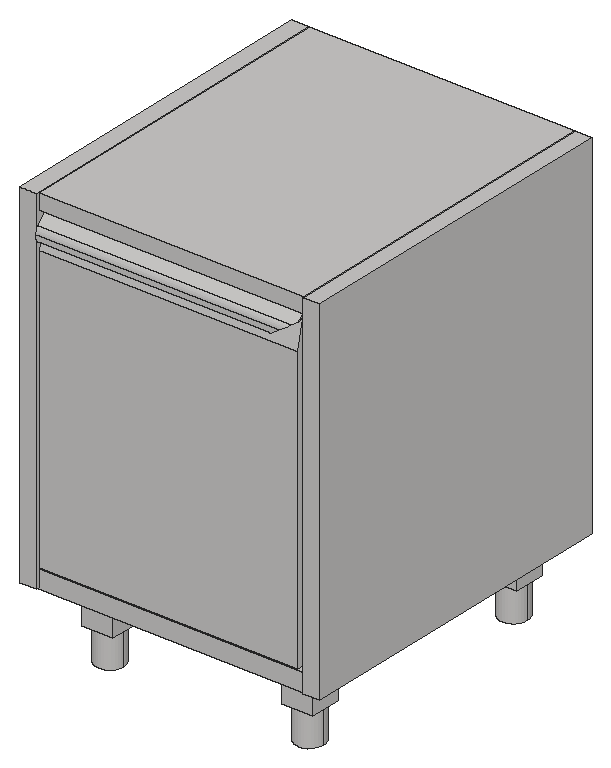
Revit family "QF_ELECTROLUXPROFESSIONAL_121815_TERP6", category Attrezzature speciali, Revit 2020
Family settings
  Quota connettore circolare = Usa diametro
  Tipo di parte = Normale
  Basato su piano di lavoro = No
  Sempre verticale = Sì
  Taglio con vuoti quando caricato = No
  Condiviso = No
  Punto di calcolo locali = No
Parameters (values of type "Standard")
  Weight = 12.00 kg
  Watts = 0 W
  Volts = 0 V
  URL Manufacturer = "https://www.electroluxprofessional.com/"
  URL = "https://www.electroluxprofessional.com/"
  Steam Supply Size = 0 mm
  Steam Supply Minimum Pressure = 0.0 Pa
  Steam Supply Maximum Pressure = 0.0 Pa
  Steam Consumption per Hour = 0
  Refrigeration Suction Line Size = 0.0 mm
  Refrigeration Liquid Line Size = 0.0 mm
  Refrigerant Compressor Remote = yes
  Prospetto di default = 0.0 mm
  Phase = 0
  Modello = "TERP6"
  Produttore = "Electrolux Professional"
  Length Actual = 600.0 mm  # constant formula
  Item Number = "121815"
  Hot Water Size = 0 mm
  Height Actual = 860.0 mm  # constant formula
  HP = "0 HP"
  Gas Size = 0 mm
  Gas KW = 0
  Gas Input Pressure = 0 W
  Direct Waste Size = 0 mm
  Descrizione = "AMBIENT UNIT 1 HINGED DOOR  600MM"
  Depth Actual = 680.0 mm  # constant formula
  Cycle = 0 Hz
  Condensate Return Size = 0 mm
  Compressed Air Volume = 0.0 L/s
  Compressed Air Size = 0 mm
  Compressed Air Pressure = 0.0 Pa
  Cold Water Size = 0 mm
  Accessory = yes
Reference planes
  plane 1 "Center (Front/Back)": y = 0
  plane 2: z = 0
  plane 3 "Center (Left/Right)": x = -304.433
  plane 4 "LEFT": x = -604.433
  plane 5 "RIGHT": x = -4.433
  plane 6 "BACK": y = 340
  plane 7 "FRONT": y = -340
  plane 8 "Base": z = 860
  plane 9 "TOP": z = 900
  plane 10: x = -504.433
  plane 11: x = -104.433
  plane 12: y = 270
  plane 13: y = -240
  plane 14 "FEET": z = 150
  plane 15: x = -570.433
  plane 16: x = -38.433
  plane 17: y = -337
  plane 18: y = 310
  plane 19: y = -900
Forms (mm)
  Extrusion 1, solid, material "QF_Finishes_Stainless Steel"
    sketch origin (0, 0, 150) x (-1, 0, 0) y (0, -1, 0)
      loop
        line (604.433, -340) -> (604.433, 340) -> (570.433, 340) -> (570.433, -340) -> (604.433, -340)
      loop
        line (38.433, -340) -> (38.433, 340) -> (4.433, 340) -> (4.433, -340) -> (38.433, -340)
    from 0 to 710
  Extrusion 2, solid, material "QF_Finishes_Stainless Steel"
    sketch origin (0, 0, 150) x (-1, 0, 0) y (0, -1, 0)
      loop
        line (570.433, -310) -> (570.433, 337) -> (38.433, 337) -> (38.433, -310) -> (570.433, -310)
    from 0 to 35
  Extrusion 3, solid, material "QF_Finishes_Stainless Steel"
    sketch origin (0, 0, 0) x (1, 0, 0) y (0, 1, 0)
      loop
        line (-570.433, 310) -> (-570.433, -297) -> (-38.433, -297) -> (-38.433, 310) -> (-570.433, 310)
    from 490 to 520
  Extrusion 4, solid, material "QF_Finishes_Stainless Steel"
    sketch origin (0, 0, 0) x (1, 0, 0) y (0, 1, 0)
      loop
        line (-570.433, -337) -> (-38.433, -337) -> (-38.433, 340) -> (-570.433, 340) -> (-570.433, -337)
    from 830 to 860
  Extrusion 5, solid, material "QF_Finishes_Stainless Steel"
    sketch origin (0, 0, 150) x (-1, 0, 0) y (0, -1, 0)
      loop
        line (570.433, -340) -> (570.433, -310) -> (38.433, -310) -> (38.433, -340) -> (570.433, -340)
    from 680 to 0
Lines and regions (mm)
  symbolic lines, style "SpecialityEquipmentHiddenLines"
    curve 1: line (-4.433, 340, 900) -> (-604.433, 340, 900)
    curve 2: line (-4.433, -340, 900) -> (-4.433, 340, 900)
    curve 3: line (-604.433, -344.5, 150) -> (-604.433, 340, 150)
    curve 4: line (-604.433, -340, 150) -> (-570.433, -340, 150)
    curve 5: line (-570.433, -340, 150) -> (-570.433, -337, 150)
    curve 6: line (-570.433, -337, 150) -> (-38.433, -337, 150)
    curve 7: line (-38.433, -337, 150) -> (-38.433, -340, 150)
    curve 8: line (-38.433, -340, 150) -> (-4.433, -340, 150)
Dimensions and locks
  plane 4 "LEFT" to plane 5 "RIGHT" = 600.0 mm
  equal spacing: plane 4 "LEFT", plane 3 "Center (Left/Right)", plane 5 "RIGHT"
  plane 6 "BACK" to plane 7 "FRONT" = 680.0 mm
  equal spacing: plane 6 "BACK", plane 1 "Center (Front/Back)", plane 7 "FRONT"
  locked: plane 14 "FEET" to level at 150
  locked: plane 4 "LEFT" to plane 10 at 100
  locked: plane 11 to plane 5 "RIGHT" at 100
  locked: plane 4 "LEFT" to plane 15 at 34
  locked: plane 16 to plane 5 "RIGHT" at 34
  plane 17 to plane 7 "FRONT" = 3.0 mm
  plane 6 "BACK" to plane 18 = 30.0 mm
  locked: plane 6 "BACK" to plane 12 at 70
  locked: plane 13 to plane 7 "FRONT" at 100
  locked: plane 8 "Base" to level at 860
  locked: plane 9 "TOP" to level at 900
  plane 6 "BACK" to plane 19 = 1240.0 mm
  aligned and locked: level to plane 2
  aligned and locked: plane 10 to nested 1
  aligned and locked: plane 11 to nested 2
  aligned and locked: plane 11 to nested 4
  aligned and locked: nested 4 to plane 12
  aligned and locked: plane 10 to nested 3
  aligned and locked: nested 3 to plane 12
  aligned and locked: plane 8 "Base" to Extrusion 1
  aligned and locked: plane 6 "BACK" to Extrusion 1 sketch curve
  aligned and locked: Extrusion 1 sketch curve to plane 6 "BACK"
  aligned and locked: plane 7 "FRONT" to Extrusion 1 sketch curve
  aligned and locked: Extrusion 1 sketch curve to plane 7 "FRONT"
  aligned and locked: plane 15 to Extrusion 1
  aligned and locked: Extrusion 1 to plane 16
  aligned and locked: Extrusion 2 to plane 15
  aligned and locked: plane 16 to Extrusion 2
  aligned and locked: plane 16 to Extrusion 3
  aligned and locked: Extrusion 3 to plane 15
  aligned and locked: plane 8 "Base" to Extrusion 4
  aligned and locked: Extrusion 2 to plane 17
  aligned and locked: Extrusion 2 to plane 18
  aligned and locked: Extrusion 3 to plane 18
  aligned and locked: Extrusion 4 to plane 17
  aligned and locked: plane 15 to Extrusion 5 sketch curve
  aligned and locked: Extrusion 5 sketch curve to plane 16
  aligned and locked: Extrusion 5 sketch curve to plane 6 "BACK"
  aligned and locked: Extrusion 5 sketch curve to plane 18
  aligned and locked: Extrusion 5 to Extrusion 4
  aligned and locked: Extrusion 5 to plane 14 "FEET"
  aligned and locked: plane 6 "BACK" to Extrusion 4
  aligned and locked: nested 1 to plane 13
  aligned and locked: nested 2 to plane 13
Automatic sketch dimensions
  curve 2 to plane 5 "RIGHT" = 0.0 mm
  curve 2 to plane 7 "FRONT" = 0.0 mm
  curve 1 to plane 4 "LEFT" = 0.0 mm
  curve 1 to plane 6 "BACK" = 0.0 mm
  Extrusion 1 sketch curve to plane 5 "RIGHT" = 0.0 mm
  Extrusion 1 sketch curve to plane 16 = 0.0 mm
  Extrusion 1 sketch curve to plane 15 = 0.0 mm
  Extrusion 1 sketch curve to plane 4 "LEFT" = 0.0 mm
  Extrusion 2 sketch curve to plane 16 = 0.0 mm
  Extrusion 2 sketch curve to plane 15 = 0.0 mm
  plane 18 to Extrusion 2 sketch curve = 0.0 mm
  Extrusion 2 sketch curve to plane 17 = 0.0 mm
  curve 8 to plane 5 "RIGHT" = 0.0 mm
  curve 8 to plane 7 "FRONT" = 0.0 mm
  curve 8 to plane 16 = 0.0 mm
  curve 6 to plane 15 = 0.0 mm
  curve 3 to plane 4 "LEFT" = 0.0 mm
  curve 3 to plane 6 "BACK" = 0.0 mm
  curve 6 to plane 17 = 0.0 mm
  curve 4 to plane 7 "FRONT" = 0.0 mm
  curve 4 to curve 3 = 4.5 mm
  Extrusion 4 sketch curve to plane 15 = 0.0 mm
  Extrusion 4 sketch curve to plane 16 = 0.0 mm
  Extrusion 4 sketch curve to plane 17 = 0.0 mm
  Extrusion 4 sketch curve to plane 18 = 30.0 mm
  Extrusion 3 sketch curve to plane 15 = 0.0 mm
  plane 7 "FRONT" to Extrusion 3 sketch curve = 43.0 mm
  Extrusion 3 sketch curve to plane 16 = 0.0 mm
  plane 18 to Extrusion 3 sketch curve = 0.0 mm
Nested families
  nested 1: "FEET_L63-150" at (-504.433, -240, 0), type "FEET_L63-150"
  nested 2: "FEET_L63-150" at (-104.433, -240, 0), type "FEET_L63-150"
  nested 3: "FEET_L63-150" at (-504.433, 270, 0), type "FEET_L63-150"
  nested 4: "FEET_L63-150" at (-104.433, 270, 0), type "FEET_L63-150"
  nested 5: "H637_600_1DOOR" at (-344.864, -297, 150) x (1, 0, 0) z (0, -1, 0), type "H637_600_1DOOR"
    with Width 600.0 mm, Show Clearance yes
Definition of nested family "FEET_L63-150"
  Parameters
    Default Elevation = 0.0 mm
    FEET = 150.0 mm
  Reference planes
    plane 1 "Center (Front/Back)": y = 0
    plane 2: z = 0
    plane 3 "Center (Left/Right)": x = 0
    plane 4: z = 150
  Forms (mm)
    Extrusion 1, solid
      sketch origin (0, 0, 0) x (1, 0, 0) y (0, 1, 0)
        loop
          circle (0, 0) r 28
      from 0 to 67
    Extrusion 2, solid
      sketch origin (0, 0, 0) x (1, 0, 0) y (0, 1, 0)
        loop
          line (31.561, 31.5) -> (-31.439, 31.5) -> (-31.439, -31.5) -> (31.561, -31.5) -> (31.561, 31.5)
      from 67 to 150 <- "FEET"
  Lines and regions (mm)
    symbolic lines
      curve 1: line (0, -1.503, 0) -> (0, 1.508, 0)
      curve 2: line (1.561, 0, 0) -> (-1.439, 0, 0)
  Dimensions and locks
    "FEET": plane 4 to plane 2
    aligned and locked: level to plane 2
  Automatic sketch dimensions
    plane 1 "Center (Front/Back)" to Extrusion 1 sketch curve = 0.0 mm
    Extrusion 1 sketch curve to plane 3 "Center (Left/Right)" = 0.0 mm
    plane 1 "Center (Front/Back)" to curve 2 = 0.0 mm
    curve 1 to plane 3 "Center (Left/Right)" = 0.0 mm
    curve 2 to plane 3 "Center (Left/Right)" = 1.439 mm
    plane 3 "Center (Left/Right)" to curve 2 = 1.561 mm
    plane 1 "Center (Front/Back)" to curve 1 = 1.503 mm
    curve 1 to plane 1 "Center (Front/Back)" = 1.508 mm
    Extrusion 2 sketch curve to plane 1 "Center (Front/Back)" = 31.5 mm
    Extrusion 2 sketch curve to plane 3 "Center (Left/Right)" = 31.439 mm
    plane 3 "Center (Left/Right)" to Extrusion 2 sketch curve = 31.561 mm
    plane 1 "Center (Front/Back)" to Extrusion 2 sketch curve = 31.5 mm
    radius of Extrusion 1 sketch curve = 28.0 mm
Definition of nested family "H637_600_1DOOR"
  Parameters
    Width [instance] = 600.0 mm
    Show Clearance [instance] = yes
    Model = "727995"
    Height = 710.0 mm
    Default Elevation = 0.0 mm
  Reference planes
    plane 1 "Center (Front/Back)": y = 0
    plane 2: z = 0
    plane 3 "Center (Left/Right)": x = 36.042
    plane 4 "panel": z = 25
    plane 5 "Left": x = -263.958
    plane 6 "Right": x = 336.042
    plane 7: y = 710
    plane 8: z = 45
    plane 9: x = 294.542
    plane 10: x = -222.458
    plane 11: y = 672
    plane 12: y = 38
    plane 13: z = 603
  Forms (mm)
    Extrusion 1, solid
      sketch origin (0, -919.2, 0) x (1, 0, 0) y (0, 1, 0)
        loop
          line (-980.5, 2119.2) -> (-980.5, -162.846) -> (881.94, -162.846) -> (881.94, 2119.2) -> (-980.5, 2119.2)
      from 0 to -59.546
    Extrusion 2, solid
      sketch origin (36.042, -219.693, 0) x (0, 1, 0) y (0, 0, 1)
        loop
          line (848.63, 49.734) -> (848.63, 47.734) -> (858.98, 47.734)
          arc (858.98, 47.734) -> (865.586, 46.42) -> (871.186, 42.679) r 17.261
          line (871.186, 42.679) -> (888.019, 25.845) -> (891.693, 25) -> (872.6, 44.093)
          arc (872.6, 44.093) -> (866.351, 48.268) -> (858.98, 49.734) r 19.261
          line (858.98, 49.734) -> (848.63, 49.734)
      from -258.5 to 258.5
    Extrusion 3, void
      sketch origin (0, -219.693, 25) x (1, 0, 0) y (0, 1, 0)
        loop
          line (304.066, 839.859) -> (304.066, 882.225) -> (294.542, 882.225)
          arc (294.542, 882.225) -> (294.188, 880.688) -> (293.373, 879.339) r 5
          line (293.373, 879.339) -> (250.697, 850.51)
          arc (250.697, 850.51) -> (247.766, 849.11) -> (244.554, 848.63) r 10.974
          line (244.554, 848.63) -> (-217.698, 848.63)
          arc (-217.698, 848.63) -> (-221.064, 850.024) -> (-222.458, 853.39) r 4.76
          line (-222.458, 853.39) -> (-222.458, 839.859) -> (304.066, 839.859)
      from 0 to 27.674
    Extrusion 4, solid
      sketch origin (36.042, -190, 0) x (0, 1, 0) y (0, 0, 1)
        loop
          line (228, 40) -> (228, 0) -> (862, 0) -> (862, 25) -> (796.797, 40) -> (228, 40)
      from 258.5 to -258.5
    Extrusion 5, solid, detail levels coarse
      sketch origin (0, 0, 0) x (1, 0, 0) y (0, 0, 1)
        loop
          arc (294.542, 603) -> (-76.265, 428.055) -> (-222.458, 45) r 548.991
          line (-222.458, 45) -> (294.542, 45) -> (294.542, 603)
      from -672 to -38
  Cuts and joins
    Extrusion 3 cuts Extrusion 2
  Lines and regions (mm)
    symbolic lines
      curve 1: line (294.542, 0, 40) -> (294.542, 0, 603)
      curve 2: line (263.235, 0, 49.734) -> (-222.458, 0, 49.734)
      curve 3: spline (282.959, 0, 44.389) -> (281.421, 0, 45.265) -> (279.856, 0, 46.066) -> (278.265, 0, 46.791) -> (276.651, 0, 47.437) -> (275.017, 0, 48.005) -> (273.365, 0, 48.493) -> (271.698, 0, 48.9) -> (270.019, 0, 49.226) -> (268.331, 0, 49.471) -> (266.636, 0, 49.633) -> (264.936, 0, 49.712) -> (263.236, 0, 49.71)
      curve 4: line (289.456, 0, 40) -> (282.959, 0, 44.389)
      curve 5: line (-222.458, 0, 49.734) -> (-222.458, 0, 40)
      curve 6: arc (294.542, 0, 603) -> (-76.265, 0, 428.055) -> (-222.458, 0, 45) r 548.991
  Dimensions and locks
    plane 4 "panel" to level = 25.0 mm
    "Width": plane 5 "Left" to plane 6 "Right"
    equal spacing: plane 5 "Left", plane 3 "Center (Left/Right)", plane 6 "Right"
    "Height": plane 1 "Center (Front/Back)" to plane 7
    plane 9 to plane 6 "Right" = 41.5 mm
    plane 5 "Left" to plane 10 = 41.5 mm
    plane 7 to plane 11 = 38.0 mm
    plane 1 "Center (Front/Back)" to plane 12 = 38.0 mm
    plane 10 to plane 9 = 517.0 mm
    aligned and locked: plane 2 to Extrusion 1
    aligned and locked: level to Extrusion 1
    aligned and locked: plane 10 to Extrusion 2
    aligned and locked: plane 9 to Extrusion 2
    aligned and locked: plane 10 to Extrusion 4
    aligned and locked: plane 9 to Extrusion 4
  Automatic sketch dimensions
    Extrusion 1 sketch curve to Extrusion 1 sketch curve = 1862.44 mm
    Extrusion 1 sketch curve to Extrusion 1 sketch curve = 2282.046 mm
    Extrusion 3 sketch curve to plane 10 = 0.0 mm
    Extrusion 3 sketch curve to plane 9 = 0.0 mm
    Extrusion 3 sketch curve to Extrusion 3 sketch curve = 4.76 mm
    Extrusion 3 sketch curve to plane 9 = 49.988 mm
    Extrusion 3 sketch curve to Extrusion 3 sketch curve = 6.143 mm
    Extrusion 3 sketch curve to plane 9 = 4.988 mm
    Extrusion 3 sketch curve to plane 9 = 1.169 mm
    Extrusion 3 sketch curve to plane 6 "Right" = 31.976 mm
    Extrusion 3 sketch curve to plane 7 = 89.834 mm
    Extrusion 3 sketch curve to Extrusion 3 sketch curve = 8.771 mm
    Extrusion 3 sketch curve to Extrusion 3 sketch curve = 1.88 mm
    Extrusion 3 sketch curve to Extrusion 3 sketch curve = 39.48 mm
    Extrusion 3 sketch curve to Extrusion 3 sketch curve = 2.886 mm
    Extrusion 4 sketch curve to level = 0.0 mm
    Extrusion 4 sketch curve to plane 12 = 0.0 mm
    Extrusion 4 sketch curve to plane 4 "panel" = 0.0 mm
    Extrusion 4 sketch curve to plane 11 = 0.0 mm
    Extrusion 4 sketch curve to plane 8 = 5.0 mm
    Extrusion 4 sketch curve to plane 11 = 65.203 mm
    Extrusion 2 sketch curve to Extrusion 2 sketch curve = 0.0 mm  (x2)
    Extrusion 2 sketch curve to plane 4 "panel" = 0.0 mm
    Extrusion 2 sketch curve to plane 11 = 0.0 mm
    Extrusion 2 sketch curve to plane 8 = 0.907 mm
    Extrusion 2 sketch curve to plane 11 = 19.093 mm
    Extrusion 2 sketch curve to plane 8 = 2.321 mm
    Extrusion 2 sketch curve to Extrusion 2 sketch curve = 1.414 mm
    plane 4 "panel" to Extrusion 2 sketch curve = 5.474 mm
    Extrusion 2 sketch curve to Extrusion 2 sketch curve = 12.205 mm
    Extrusion 2 sketch curve to Extrusion 2 sketch curve = 10.351 mm
    plane 4 "panel" to Extrusion 2 sketch curve = 0.845 mm
    Extrusion 2 sketch curve to plane 11 = 3.674 mm
    plane 10 to curve 5 = 0.0 mm
    curve 1 to plane 9 = 0.0 mm
    curve 1 to plane 13 = 0.0 mm
    curve 4 to plane 8 = 0.611 mm
    curve 4 to plane 9 = 11.583 mm
    plane 8 to curve 2 = 4.734 mm
    curve 2 to curve 3 = 19.723 mm
    curve 2 to curve 3 = 0.0 mm
    curve 3 to curve 3 = 0.908 mm
    curve 4 to plane 9 = 5.086 mm
    curve 3 to level = 1.281 mm
    curve 1 to plane 8 = 5.0 mm
    curve 4 to plane 8 = 5.0 mm
    curve 5 to plane 8 = 5.0 mm
    curve 3 to curve 2 = 0.025 mm
    Extrusion 5 sketch curve to plane 8 = 0.0 mm
    plane 10 to Extrusion 5 sketch curve = 0.0 mm
    Extrusion 5 sketch curve to plane 9 = 0.0 mm
    Extrusion 5 sketch curve to plane 13 = 0.0 mm
    plane 8 to Extrusion 5 sketch curve = 9.937 mm
    curve 6 to plane 8 = 0.0 mm
    plane 8 to curve 6 = 9.937 mm
